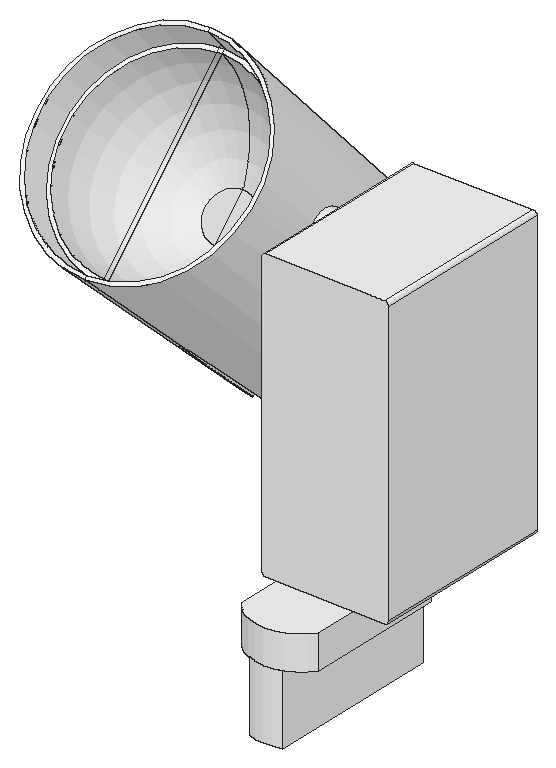
Revit family "0004811 Feilo Sylvania Lighting Fixture START TRACK SPOT S 14W 3K RA80 NB WHITE", category Lighting Fixtures, host Face, Revit 2017 (continued)
Definition of nested family "Start Track Spot Head"
  Types (96, lengths in mm): name | Wattage | built-in parameter 1150134 | Photometric Web File | Model | built-in parameter 1150105 | Lumens | built-in parameter 1150107 | built-in parameter 1150106 | HeadThickness_FEILO | HeadRibOffset_FEILO | HeadRibDepth_FEILO | HeadRibCutWidth_FEILO | HeadRibCutOffset_FEILO | HeadReflectorRadius_FEILO | HeadReflectorOffset_FEILO | HeadLEDRadius_FEILO | HeadHeight_FEILO | HeadDiffusorOffset_FEILO | HeadDiaOut_FEILO | HeadDiaIn_FEILO | HeadAxisFromTop_FEILO | Emit from Circle Diameter | built-in parameter 1150104 | Description | Apparent Load
    0004864 START TRACK SPOT S 24W 3K RA90 WB WHITE | 24 W | (empty or 0) | "0004864.ies" | "START TRACK SPOT S 24W 3K RA90 WB WHITE" | 152.79 (stored number, unit not read) | 1920 lm | 3000 (stored number, unit not read) | 1.5279 (stored number, unit not read) | 1.5 | 4.179 | 55.714 | 7.167 | 50.87 | 50.588 | 55.714 | 9.556 | 117 | 9.435 | 86 | 77.477 | 69.354 | 77.477 | 7.4322 (stored number, unit not read) | "Integrated LED spotlight, Textured White - RAL9016, compact and minimalist design, ideal for retail applications, die-cast aluminium body, passive cooling heatsink. Beam angle: 64°, color temperature: 3000K , total system power: 24W, total fixture output: 1928 lm, LOR: 100%, colour rendering: Ra: 90 typical, LED Chromaticity: 3 step MacAdam ellipse, lifetime: >50000 hours at L70B50, energy class: A++, A+, A, IR/UV free light source without heat radiation, operating voltage: 220-240V / 50-60Hz, drive current: 600mA, electronic driver, non-dimmable, power factor: 0.95, electrical protection: Class II, Global Track 3 Phase adapter suitable for Global trac 3-circuit tracks, ingress protection rating: IP20, suitable for internal environment only, horizontal rotation: 355°, vertical tilt: 90°, dimensions: Ø86x140x200, weight: 0.966kg." | 24 VA
    0004863 START TRACK SPOT S 24W 3K RA90 MB WHITE | 24 W | (empty or 0) | "0004863.ies" | "START TRACK SPOT S 24W 3K RA90 MB WHITE" | 154.7 (stored number, unit not read) | 1944 lm | 3000 (stored number, unit not read) | 1.547 (stored number, unit not read) | 1.5 | 4.179 | 55.714 | 7.167 | 50.87 | 50.588 | 55.714 | 9.556 | 117 | 9.435 | 86 | 77.477 | 69.354 | 77.477 | 7.5251 (stored number, unit not read) | "Integrated LED spotlight, Textured White - RAL9016, compact and minimalist design, ideal for retail applications, die-cast aluminium body, passive cooling heatsink. Beam angle: 36°, color temperature: 3000K , total system power: 24W, total fixture output: 1944 lm, LOR: 100%, colour rendering: Ra: 90 typical, LED Chromaticity: 3 step MacAdam ellipse, lifetime: >50000 hours at L70B50, energy class: A++, A+, A, IR/UV free light source without heat radiation, operating voltage: 220-240V / 50-60Hz, drive current: 600mA, electronic driver, non-dimmable, power factor: 0.95, electrical protection: Class II, Global Track 3 Phase adapter suitable for Global trac 3-circuit tracks, ingress protection rating: IP20, suitable for internal environment only, horizontal rotation: 355°, vertical tilt: 90°, dimensions: Ø86x140x200, weight: 0.966kg." | 24 VA
    0004862 START TRACK SPOT S 24W 3K RA90 NB WHITE | 24 W | (empty or 0) | "0004862.ies" | "START TRACK SPOT S 24W 3K RA90 NB WHITE" | 158.52 (stored number, unit not read) | 1992 lm | 3000 (stored number, unit not read) | 1.5852 (stored number, unit not read) | 1.5 | 4.179 | 55.714 | 7.167 | 50.87 | 50.588 | 55.714 | 9.556 | 117 | 9.435 | 86 | 77.477 | 69.354 | 77.477 | 7.711 (stored number, unit not read) | "Integrated LED spotlight, Textured White - RAL9016, compact and minimalist design, ideal for retail applications, die-cast aluminium body, passive cooling heatsink. Beam angle: 12°, color temperature: 3000K , total system power: 24W, total fixture output: 1987 lm, LOR: 100%, colour rendering: Ra: 90 typical, LED Chromaticity: 3 step MacAdam ellipse, lifetime: >50000 hours at L70B50, energy class: A++, A+, A, IR/UV free light source without heat radiation, operating voltage: 220-240V / 50-60Hz, drive current: 600mA, electronic driver, non-dimmable, power factor: 0.95, electrical protection: Class II, Global Track 3 Phase adapter suitable for Global trac 3-circuit tracks, ingress protection rating: IP20, suitable for internal environment only, horizontal rotation: 355°, vertical tilt: 90°, dimensions: Ø86x140x200, weight: 0.966kg." | 24 VA
    0004861 START TRACK SPOT S 14W 3K RA90 WB WHITE | 14 W | (empty or 0) | "0004861.ies" | "START TRACK SPOT S 14W 3K RA90 WB WHITE" | 100.27 (stored number, unit not read) | 1260 lm | 3000 (stored number, unit not read) | 1.0027 (stored number, unit not read) | 1.5 | 4.179 | 55.714 | 7.167 | 50.87 | 50.588 | 55.714 | 9.556 | 117 | 9.435 | 86 | 77.477 | 69.354 | 77.477 | 8.3613 (stored number, unit not read) | "Integrated LED spotlight, Textured White - RAL9016, compact and minimalist design, ideal for retail applications, die-cast aluminium body, passive cooling heatsink. Beam angle: 64°, color temperature: 3000K , total system power: 14W, total fixture output: 1262 lm, LOR: 100%, colour rendering: Ra: 90 typical, LED Chromaticity: 3 step MacAdam ellipse, lifetime: >50000 hours at L70B50, energy class: A++, A+, A, IR/UV free light source without heat radiation, operating voltage: 220-240V / 50-60Hz, drive current: 350mA, electronic driver, non-dimmable, power factor: 0.92, electrical protection: Class II, Global Track 3 Phase adapter suitable for Global trac 3-circuit tracks, ingress protection rating: IP20, suitable for internal environment only, horizontal rotation: 355°, vertical tilt: 90°, dimensions: Ø86x140x200, weight: 0.940kg." | 14 VA
    0004860 START TRACK SPOT S 14W 3K RA90 MB WHITE | 14 W | (empty or 0) | "0004860.ies" | "START TRACK SPOT S 14W 3K RA90 MB WHITE" | 100.27 (stored number, unit not read) | 1260 lm | 3000 (stored number, unit not read) | 1.0027 (stored number, unit not read) | 1.5 | 4.179 | 55.714 | 7.167 | 50.87 | 50.588 | 55.714 | 9.556 | 117 | 9.435 | 86 | 77.477 | 69.354 | 77.477 | 8.3613 (stored number, unit not read) | "Integrated LED spotlight, Textured White - RAL9016, compact and minimalist design, ideal for retail applications, die-cast aluminium body, passive cooling heatsink. Beam angle: 36°, color temperature: 3000K , total system power: 14W, total fixture output: 1262 lm, LOR: 100%, colour rendering: Ra: 90 typical, LED Chromaticity: 3 step MacAdam ellipse, lifetime: >50000 hours at L70B50, energy class: A++, A+, A, IR/UV free light source without heat radiation, operating voltage: 220-240V / 50-60Hz, drive current: 350mA, electronic driver, non-dimmable, power factor: 0.92, electrical protection: Class II, Global Track 3 Phase adapter suitable for Global trac 3-circuit tracks, ingress protection rating: IP20, suitable for internal environment only, horizontal rotation: 355°, vertical tilt: 90°, dimensions: Ø86x140x200, weight: 0.940kg." | 14 VA
    0004859 START TRACK SPOT S 14W 3K RA90 NB WHITE | 14 W | (empty or 0) | "0004859.ies" | "START TRACK SPOT S 14W 3K RA90 NB WHITE" | 102.5 (stored number, unit not read) | 1288 lm | 3000 (stored number, unit not read) | 1.025 (stored number, unit not read) | 1.5 | 4.179 | 55.714 | 7.167 | 50.87 | 50.588 | 55.714 | 9.556 | 117 | 9.435 | 86 | 77.477 | 69.354 | 77.477 | 8.5471 (stored number, unit not read) | "Integrated LED spotlight, Textured White - RAL9016, compact and minimalist design, ideal for retail applications, die-cast aluminium body, passive cooling heatsink. Beam angle: 12°, color temperature: 3000K , total system power: 14W, total fixture output: 1284 lm, LOR: 100%, colour rendering: Ra: 90 typical, LED Chromaticity: 3 step MacAdam ellipse, lifetime: >50000 hours at L70B50, energy class: A++, A+, A, IR/UV free light source without heat radiation, operating voltage: 220-240V / 50-60Hz, drive current: 350mA, electronic driver, non-dimmable, power factor: 0.92, electrical protection: Class II, Global Track 3 Phase adapter suitable for Global trac 3-circuit tracks, ingress protection rating: IP20, suitable for internal environment only, horizontal rotation: 355°, vertical tilt: 90°, dimensions: Ø86x140x200, weight: 0.940kg." | 14 VA
    0004858 START TRACK SPOT L 55W 4K RA80 WB BLACK | 55 W | 12 | "0004858.ies" | "START TRACK SPOT L 55W 4K RA80 WB BLACK" | 424.55 (stored number, unit not read) | 5335 lm | 4000 (stored number, unit not read) | 4.2455 (stored number, unit not read) | 2 | 4.429 | 59.048 | 9.417 | 53.913 | 66.471 | 59.048 | 12.556 | 124 | 10 | 113 | 101.802 | 73.503 | 101.802 | 9.0116 (stored number, unit not read) | "Integrated LED spotlight, Textured Black - RAL9005, compact and minimalist design, ideal for retail applications, die-cast aluminium body, passive cooling heatsink. Beam angle: 52°, color temperature: 4000K , total system power: 55W, total fixture output: 5320 lm, LOR: 100%, colour rendering: Ra: 80 typical, LED Chromaticity: 3 step MacAdam ellipse, lifetime: >50000 hours at L70B50, energy class: A++, A+, A, IR/UV free light source without heat radiation, operating voltage: 220-240V / 50-60Hz, drive current: 1400mA, electronic driver, non-dimmable, power factor: 0.96, electrical protection: Class II, Global Track 3 Phase adapter suitable for Global trac 3-circuit tracks, ingress protection rating: IP20, suitable for internal environment only, horizontal rotation: 355°, vertical tilt: 90°, dimensions: Ø113x164x240, weight: 1.398kg." | 55 VA
    0004857 START TRACK SPOT L 55W 4K RA80 MB BLACK | 55 W | 12 | "0004857.ies" | "START TRACK SPOT L 55W 4K RA80 MB BLACK" | 428.92 (stored number, unit not read) | 5390 lm | 4000 (stored number, unit not read) | 4.2892 (stored number, unit not read) | 2 | 4.429 | 59.048 | 9.417 | 53.913 | 66.471 | 59.048 | 12.556 | 124 | 10 | 113 | 101.802 | 73.503 | 101.802 | 9.1045 (stored number, unit not read) | "Integrated LED spotlight, Textured Black - RAL9005, compact and minimalist design, ideal for retail applications, die-cast aluminium body, passive cooling heatsink. Beam angle: 38°, color temperature: 4000K , total system power: 55W, total fixture output: 5378 lm, LOR: 100%, colour rendering: Ra: 80 typical, LED Chromaticity: 3 step MacAdam ellipse, lifetime: >50000 hours at L70B50, energy class: A++, A+, A, IR/UV free light source without heat radiation, operating voltage: 220-240V / 50-60Hz, drive current: 1400mA, electronic driver, non-dimmable, power factor: 0.96, electrical protection: Class II, Global Track 3 Phase adapter suitable for Global trac 3-circuit tracks, ingress protection rating: IP20, suitable for internal environment only, horizontal rotation: 355°, vertical tilt: 90°, dimensions: Ø113x164x240, weight: 1.398kg." | 55 VA
    0004856 START TRACK SPOT L 55W 4K RA80 NB BLACK | 55 W | 12 | "0004856.ies" | "START TRACK SPOT L 55W 4K RA80 NB BLACK" | 433.3 (stored number, unit not read) | 5445 lm | 4000 (stored number, unit not read) | 4.333 (stored number, unit not read) | 2 | 4.429 | 59.048 | 9.417 | 53.913 | 66.471 | 59.048 | 12.556 | 124 | 10 | 113 | 101.802 | 73.503 | 101.802 | 9.1974 (stored number, unit not read) | "Integrated LED spotlight, Textured Black - RAL9005, compact and minimalist design, ideal for retail applications, die-cast aluminium body, passive cooling heatsink. Beam angle: 15°, color temperature: 4000K , total system power: 55W, total fixture output: 5426 lm, LOR: 100%, colour rendering: Ra: 80 typical, LED Chromaticity: 3 step MacAdam ellipse, lifetime: >50000 hours at L70B50, energy class: A++, A+, A, IR/UV free light source without heat radiation, operating voltage: 220-240V / 50-60Hz, drive current: 1400mA, electronic driver, non-dimmable, power factor: 0.96, electrical protection: Class II, Global Track 3 Phase adapter suitable for Global trac 3-circuit tracks, ingress protection rating: IP20, suitable for internal environment only, horizontal rotation: 355°, vertical tilt: 90°, dimensions: Ø113x164x240, weight: 1.398kg." | 55 VA
    0004855 START TRACK SPOT L 35W 4K RA80 WB BLACK | 35 W | 12 | "0004855.ies" | "START TRACK SPOT L 35W 4K RA80 WB BLACK" | 320.3 (stored number, unit not read) | 4025 lm | 4000 (stored number, unit not read) | 3.203 (stored number, unit not read) | 2 | 4.429 | 59.048 | 9.417 | 53.913 | 66.471 | 59.048 | 12.556 | 124 | 10 | 113 | 101.802 | 73.503 | 101.802 | 10.684 (stored number, unit not read) | "Integrated LED spotlight, Textured Black - RAL9005, compact and minimalist design, ideal for retail applications, die-cast aluminium body, passive cooling heatsink. Beam angle: 52°, color temperature: 4000K , total system power: 35W, total fixture output: 4010 lm, LOR: 100%, colour rendering: Ra: 80 typical, LED Chromaticity: 3 step MacAdam ellipse, lifetime: >50000 hours at L70B50, energy class: A++, A+, A, IR/UV free light source without heat radiation, operating voltage: 220-240V / 50-60Hz, drive current: 900mA, electronic driver, non-dimmable, power factor: 0.93, electrical protection: Class II, Global Track 3 Phase adapter suitable for Global trac 3-circuit tracks, ingress protection rating: IP20, suitable for internal environment only, horizontal rotation: 355°, vertical tilt: 90°, dimensions: Ø113x164x240, weight: 1.368kg." | 35 VA
    0004854 START TRACK SPOT L 35W 4K RA80 MB BLACK | 35 W | 12 | "0004854.ies" | "START TRACK SPOT L 35W 4K RA80 MB BLACK" | 320.3 (stored number, unit not read) | 4025 lm | 4000 (stored number, unit not read) | 3.203 (stored number, unit not read) | 2 | 4.429 | 59.048 | 9.417 | 53.913 | 66.471 | 59.048 | 12.556 | 124 | 10 | 113 | 101.802 | 73.503 | 101.802 | 10.684 (stored number, unit not read) | "Integrated LED spotlight, Textured Black - RAL9005, compact and minimalist design, ideal for retail applications, die-cast aluminium body, passive cooling heatsink. Beam angle: 38°, color temperature: 4000K , total system power: 35W, total fixture output: 4017 lm, LOR: 100%, colour rendering: Ra: 80 typical, LED Chromaticity: 3 step MacAdam ellipse, lifetime: >50000 hours at L70B50, energy class: A++, A+, A, IR/UV free light source without heat radiation, operating voltage: 220-240V / 50-60Hz, drive current: 900mA, electronic driver, non-dimmable, power factor: 0.93, electrical protection: Class II, Global Track 3 Phase adapter suitable for Global trac 3-circuit tracks, ingress protection rating: IP20, suitable for internal environment only, horizontal rotation: 355°, vertical tilt: 90°, dimensions: Ø113x164x240, weight: 1.368kg." | 35 VA
    0004853 START TRACK SPOT L 35W 4K RA80 NB BLACK | 35 W | 12 | "0004853.ies" | "START TRACK SPOT L 35W 4K RA80 NB BLACK" | 331.44 (stored number, unit not read) | 4165 lm | 4000 (stored number, unit not read) | 3.3144 (stored number, unit not read) | 2 | 4.429 | 59.048 | 9.417 | 53.913 | 66.471 | 59.048 | 12.556 | 124 | 10 | 113 | 101.802 | 73.503 | 101.802 | 11.055 (stored number, unit not read) | "Integrated LED spotlight, Textured Black - RAL9005, compact and minimalist design, ideal for retail applications, die-cast aluminium body, passive cooling heatsink. Beam angle: 15°, color temperature: 4000K , total system power: 35W, total fixture output: 4174 lm, LOR: 100%, colour rendering: Ra: 80 typical, LED Chromaticity: 3 step MacAdam ellipse, lifetime: >50000 hours at L70B50, energy class: A++, A+, A, IR/UV free light source without heat radiation, operating voltage: 220-240V / 50-60Hz, drive current: 900mA, electronic driver, non-dimmable, power factor: 0.93, electrical protection: Class II, Global Track 3 Phase adapter suitable for Global trac 3-circuit tracks, ingress protection rating: IP20, suitable for internal environment only, horizontal rotation: 355°, vertical tilt: 90°, dimensions: Ø113x164x240, weight: 1.368kg." | 35 VA
    0004852 START TRACK SPOT S 24W 4K RA80 WB BLACK | 24 W | 12 | "0004852.ies" | "START TRACK SPOT S 24W 4K RA80 WB BLACK" | 196.72 (stored number, unit not read) | 2472 lm | 4000 (stored number, unit not read) | 1.9672 (stored number, unit not read) | 1.5 | 4.179 | 55.714 | 7.167 | 50.87 | 50.588 | 55.714 | 9.556 | 117 | 9.435 | 86 | 77.477 | 69.354 | 77.477 | 9.569 (stored number, unit not read) | "Integrated LED spotlight, Textured Black - RAL9005, compact and minimalist design, ideal for retail applications, die-cast aluminium body, passive cooling heatsink. Beam angle: 64°, color temperature: 4000K , total system power: 24W, total fixture output: 2476 lm, LOR: 100%, colour rendering: Ra: 80 typical, LED Chromaticity: 3 step MacAdam ellipse, lifetime: >50000 hours at L70B50, energy class: A++, A+, A, IR/UV free light source without heat radiation, operating voltage: 220-240V / 50-60Hz, drive current: 600mA, electronic driver, non-dimmable, power factor: 0.95, electrical protection: Class II, Global Track 3 Phase adapter suitable for Global trac 3-circuit tracks, ingress protection rating: IP20, suitable for internal environment only, horizontal rotation: 355°, vertical tilt: 90°, dimensions: Ø86x140x200, weight: 0.966kg." | 24 VA
    0004851 START TRACK SPOT S 24W 4K RA80 MB BLACK | 24 W | 12 | "0004851.ies" | "START TRACK SPOT S 24W 4K RA80 MB BLACK" | 198.63 (stored number, unit not read) | 2496 lm | 4000 (stored number, unit not read) | 1.9863 (stored number, unit not read) | 1.5 | 4.179 | 55.714 | 7.167 | 50.87 | 50.588 | 55.714 | 9.556 | 117 | 9.435 | 86 | 77.477 | 69.354 | 77.477 | 9.6619 (stored number, unit not read) | "Integrated LED spotlight, Textured Black - RAL9005, compact and minimalist design, ideal for retail applications, die-cast aluminium body, passive cooling heatsink. Beam angle: 36°, color temperature: 4000K , total system power: 24W, total fixture output: 2487 lm, LOR: 100%, colour rendering: Ra: 80 typical, LED Chromaticity: 3 step MacAdam ellipse, lifetime: >50000 hours at L70B50, energy class: A++, A+, A, IR/UV free light source without heat radiation, operating voltage: 220-240V / 50-60Hz, drive current: 600mA, electronic driver, non-dimmable, power factor: 0.95, electrical protection: Class II, Global Track 3 Phase adapter suitable for Global trac 3-circuit tracks, ingress protection rating: IP20, suitable for internal environment only, horizontal rotation: 355°, vertical tilt: 90°, dimensions: Ø86x140x200, weight: 0.966kg." | 24 VA
    0004850 START TRACK SPOT S 24W 4K RA80 NB BLACK | 24 W | 12 | "0004850.ies" | "START TRACK SPOT S 24W 4K RA80 NB BLACK" | 200.54 (stored number, unit not read) | 2520 lm | 4000 (stored number, unit not read) | 2.0054 (stored number, unit not read) | 1.5 | 4.179 | 55.714 | 7.167 | 50.87 | 50.588 | 55.714 | 9.556 | 117 | 9.435 | 86 | 77.477 | 69.354 | 77.477 | 9.7548 (stored number, unit not read) | "Integrated LED spotlight, Textured Black - RAL9005, compact and minimalist design, ideal for retail applications, die-cast aluminium body, passive cooling heatsink. Beam angle: 12°, color temperature: 4000K , total system power: 24W, total fixture output: 2529 lm, LOR: 100%, colour rendering: Ra: 80 typical, LED Chromaticity: 3 step MacAdam ellipse, lifetime: >50000 hours at L70B50, energy class: A++, A+, A, IR/UV free light source without heat radiation, operating voltage: 220-240V / 50-60Hz, drive current: 600mA, electronic driver, non-dimmable, power factor: 0.95, electrical protection: Class II, Global Track 3 Phase adapter suitable for Global trac 3-circuit tracks, ingress protection rating: IP20, suitable for internal environment only, horizontal rotation: 355°, vertical tilt: 90°, dimensions: Ø86x140x200, weight: 0.966kg." | 24 VA
    0004849 START TRACK SPOT S 14W 4K RA80 WB BLACK | 14 W | 12 | "0004849.ies" | "START TRACK SPOT S 14W 4K RA80 WB BLACK" | 123.66 (stored number, unit not read) | 1554 lm | 4000 (stored number, unit not read) | 1.2366 (stored number, unit not read) | 1.5 | 4.179 | 55.714 | 7.167 | 50.87 | 50.588 | 55.714 | 9.556 | 117 | 9.435 | 86 | 77.477 | 69.354 | 77.477 | 10.312 (stored number, unit not read) | "Integrated LED spotlight, Textured Black - RAL9005, compact and minimalist design, ideal for retail applications, die-cast aluminium body, passive cooling heatsink. Beam angle: 64°, color temperature: 4000K , total system power: 14W, total fixture output: 1558 lm, LOR: 100%, colour rendering: Ra: 80 typical, LED Chromaticity: 3 step MacAdam ellipse, lifetime: >50000 hours at L70B50, energy class: A++, A+, A, IR/UV free light source without heat radiation, operating voltage: 220-240V / 50-60Hz, drive current: 350mA, electronic driver, non-dimmable, power factor: 0.92, electrical protection: Class II, Global Track 3 Phase adapter suitable for Global trac 3-circuit tracks, ingress protection rating: IP20, suitable for internal environment only, horizontal rotation: 355°, vertical tilt: 90°, dimensions: Ø86x140x200, weight: 0.940kg." | 14 VA
    0004848 START TRACK SPOT S 14W 4K RA80 MB BLACK | 14 W | 12 | "0004848.ies" | "START TRACK SPOT S 14W 4K RA80 MB BLACK" | 127.01 (stored number, unit not read) | 1596 lm | 4000 (stored number, unit not read) | 1.2701 (stored number, unit not read) | 1.5 | 4.179 | 55.714 | 7.167 | 50.87 | 50.588 | 55.714 | 9.556 | 117 | 9.435 | 86 | 77.477 | 69.354 | 77.477 | 10.591 (stored number, unit not read) | "Integrated LED spotlight, Textured Black - RAL9005, compact and minimalist design, ideal for retail applications, die-cast aluminium body, passive cooling heatsink. Beam angle: 36°, color temperature: 4000K , total system power: 14W, total fixture output: 1598 lm, LOR: 100%, colour rendering: Ra: 80 typical, LED Chromaticity: 3 step MacAdam ellipse, lifetime: >50000 hours at L70B50, energy class: A++, A+, A, IR/UV free light source without heat radiation, operating voltage: 220-240V / 50-60Hz, drive current: 350mA, electronic driver, non-dimmable, power factor: 0.92, electrical protection: Class II, Global Track 3 Phase adapter suitable for Global trac 3-circuit tracks, ingress protection rating: IP20, suitable for internal environment only, horizontal rotation: 355°, vertical tilt: 90°, dimensions: Ø86x140x200, weight: 0.940kg." | 14 VA
    0004847 START TRACK SPOT S 14W 4K RA80 NB BLACK | 14 W | 12 | "0004847.ies" | "START TRACK SPOT S 14W 4K RA80 NB BLACK" | 128.12 (stored number, unit not read) | 1610 lm | 4000 (stored number, unit not read) | 1.2812 (stored number, unit not read) | 1.5 | 4.179 | 55.714 | 7.167 | 50.87 | 50.588 | 55.714 | 9.556 | 117 | 9.435 | 86 | 77.477 | 69.354 | 77.477 | 10.684 (stored number, unit not read) | "Integrated LED spotlight, Textured Black - RAL9005, compact and minimalist design, ideal for retail applications, die-cast aluminium body, passive cooling heatsink. Beam angle: 12°, color temperature: 4000K , total system power: 14W, total fixture output: 1608 lm, LOR: 100%, colour rendering: Ra: 80 typical, LED Chromaticity: 3 step MacAdam ellipse, lifetime: >50000 hours at L70B50, energy class: A++, A+, A, IR/UV free light source without heat radiation, operating voltage: 220-240V / 50-60Hz, drive current: 350mA, electronic driver, non-dimmable, power factor: 0.92, electrical protection: Class II, Global Track 3 Phase adapter suitable for Global trac 3-circuit tracks, ingress protection rating: IP20, suitable for internal environment only, horizontal rotation: 355°, vertical tilt: 90°, dimensions: Ø86x140x200, weight: 0.940kg." | 14 VA
    0004846 START TRACK SPOT L 55W 3K RA80 WB BLACK | 55 W | (empty or 0) | "0004846.ies" | "START TRACK SPOT L 55W 3K RA80 WB BLACK" | 420.17 (stored number, unit not read) | 5280 lm | 3000 (stored number, unit not read) | 4.2017 (stored number, unit not read) | 2 | 4.429 | 59.048 | 9.417 | 53.913 | 66.471 | 59.048 | 12.556 | 124 | 10 | 113 | 101.802 | 73.503 | 101.802 | 8.9187 (stored number, unit not read) | "Integrated LED spotlight, Textured Black - RAL9005, compact and minimalist design, ideal for retail applications, die-cast aluminium body, passive cooling heatsink. Beam angle: 52°, color temperature: 3000K , total system power: 55W, total fixture output: 5298 lm, LOR: 100%, colour rendering: Ra: 80 typical, LED Chromaticity: 3 step MacAdam ellipse, lifetime: >50000 hours at L70B50, energy class: A++, A+, A, IR/UV free light source without heat radiation, operating voltage: 220-240V / 50-60Hz, drive current: 1400mA, electronic driver, non-dimmable, power factor: 0.96, electrical protection: Class II, Global Track 3 Phase adapter suitable for Global trac 3-circuit tracks, ingress protection rating: IP20, suitable for internal environment only, horizontal rotation: 355°, vertical tilt: 90°, dimensions: Ø113x164x240, weight: 1.398kg." | 55 VA
    0004845 START TRACK SPOT L 55W 3K RA80 MB BLACK | 55 W | (empty or 0) | "0004845.ies" | "START TRACK SPOT L 55W 3K RA80 MB BLACK" | 428.92 (stored number, unit not read) | 5390 lm | 3000 (stored number, unit not read) | 4.2892 (stored number, unit not read) | 2 | 4.429 | 59.048 | 9.417 | 53.913 | 66.471 | 59.048 | 12.556 | 124 | 10 | 113 | 101.802 | 73.503 | 101.802 | 9.1045 (stored number, unit not read) | "Integrated LED spotlight, Textured Black - RAL9005, compact and minimalist design, ideal for retail applications, die-cast aluminium body, passive cooling heatsink. Beam angle: 38°, color temperature: 3000K , total system power: 55W, total fixture output: 5381 lm, LOR: 100%, colour rendering: Ra: 80 typical, LED Chromaticity: 3 step MacAdam ellipse, lifetime: >50000 hours at L70B50, energy class: A++, A+, A, IR/UV free light source without heat radiation, operating voltage: 220-240V / 50-60Hz, drive current: 1400mA, electronic driver, non-dimmable, power factor: 0.96, electrical protection: Class II, Global Track 3 Phase adapter suitable for Global trac 3-circuit tracks, ingress protection rating: IP20, suitable for internal environment only, horizontal rotation: 355°, vertical tilt: 90°, dimensions: Ø113x164x240, weight: 1.398kg." | 55 VA
    0004844 START TRACK SPOT L 55W 3K RA80 NB BLACK | 55 W | (empty or 0) | "0004844.ies" | "START TRACK SPOT L 55W 3K RA80 NB BLACK" | 433.3 (stored number, unit not read) | 5445 lm | 3000 (stored number, unit not read) | 4.333 (stored number, unit not read) | 2 | 4.429 | 59.048 | 9.417 | 53.913 | 66.471 | 59.048 | 12.556 | 124 | 10 | 113 | 101.802 | 73.503 | 101.802 | 9.1974 (stored number, unit not read) | "Integrated LED spotlight, Textured Black - RAL9005, compact and minimalist design, ideal for retail applications, die-cast aluminium body, passive cooling heatsink. Beam angle: 15°, color temperature: 3000K , total system power: 55W, total fixture output: 5449 lm, LOR: 100%, colour rendering: Ra: 80 typical, LED Chromaticity: 3 step MacAdam ellipse, lifetime: >50000 hours at L70B50, energy class: A++, A+, A, IR/UV free light source without heat radiation, operating voltage: 220-240V / 50-60Hz, drive current: 1400mA, electronic driver, non-dimmable, power factor: 0.96, electrical protection: Class II, Global Track 3 Phase adapter suitable for Global trac 3-circuit tracks, ingress protection rating: IP20, suitable for internal environment only, horizontal rotation: 355°, vertical tilt: 90°, dimensions: Ø113x164x240, weight: 1.398kg." | 55 VA
    0004843 START TRACK SPOT L 35W 3K RA80 WB BLACK | 35 W | (empty or 0) | "0004843.ies" | "START TRACK SPOT L 35W 3K RA80 WB BLACK" | 314.73 (stored number, unit not read) | 3955 lm | 3000 (stored number, unit not read) | 3.1473 (stored number, unit not read) | 2 | 4.429 | 59.048 | 9.417 | 53.913 | 66.471 | 59.048 | 12.556 | 124 | 10 | 113 | 101.802 | 73.503 | 101.802 | 10.498 (stored number, unit not read) | "Integrated LED spotlight, Textured Black - RAL9005, compact and minimalist design, ideal for retail applications, die-cast aluminium body, passive cooling heatsink. Beam angle: 52°, color temperature: 3000K , total system power: 35W, total fixture output: 3943 lm, LOR: 100%, colour rendering: Ra: 80 typical, LED Chromaticity: 3 step MacAdam ellipse, lifetime: >50000 hours at L70B50, energy class: A++, A+, A, IR/UV free light source without heat radiation, operating voltage: 220-240V / 50-60Hz, drive current: 900mA, electronic driver, non-dimmable, power factor: 0.93, electrical protection: Class II, Global Track 3 Phase adapter suitable for Global trac 3-circuit tracks, ingress protection rating: IP20, suitable for internal environment only, horizontal rotation: 355°, vertical tilt: 90°, dimensions: Ø113x164x240, weight: 1.368kg." | 35 VA
    0004842 START TRACK SPOT L 35W 3K RA80 MB BLACK | 35 W | (empty or 0) | "0004842.ies" | "START TRACK SPOT L 35W 3K RA80 MB BLACK" | 320.3 (stored number, unit not read) | 4025 lm | 3000 (stored number, unit not read) | 3.203 (stored number, unit not read) | 2 | 4.429 | 59.048 | 9.417 | 53.913 | 66.471 | 59.048 | 12.556 | 124 | 10 | 113 | 101.802 | 73.503 | 101.802 | 10.684 (stored number, unit not read) | "Integrated LED spotlight, Textured Black - RAL9005, compact and minimalist design, ideal for retail applications, die-cast aluminium body, passive cooling heatsink. Beam angle: 38°, color temperature: 3000K , total system power: 35W, total fixture output: 4008 lm, LOR: 100%, colour rendering: Ra: 80 typical, LED Chromaticity: 3 step MacAdam ellipse, lifetime: >50000 hours at L70B50, energy class: A++, A+, A, IR/UV free light source without heat radiation, operating voltage: 220-240V / 50-60Hz, drive current: 900mA, electronic driver, non-dimmable, power factor: 0.93, electrical protection: Class II, Global Track 3 Phase adapter suitable for Global trac 3-circuit tracks, ingress protection rating: IP20, suitable for internal environment only, horizontal rotation: 355°, vertical tilt: 90°, dimensions: Ø113x164x240, weight: 1.368kg." | 35 VA
    0004841 START TRACK SPOT L 35W 3K RA80 NB BLACK | 35 W | (empty or 0) | "0004841.ies" | "START TRACK SPOT L 35W 3K RA80 NB BLACK" | 317.51 (stored number, unit not read) | 3990 lm | 3000 (stored number, unit not read) | 3.1751 (stored number, unit not read) | 2 | 4.429 | 59.048 | 9.417 | 53.913 | 66.471 | 59.048 | 12.556 | 124 | 10 | 113 | 101.802 | 73.503 | 101.802 | 10.591 (stored number, unit not read) | "Integrated LED spotlight, Textured Black - RAL9005, compact and minimalist design, ideal for retail applications, die-cast aluminium body, passive cooling heatsink. Beam angle: 15°, color temperature: 3000K , total system power: 35W, total fixture output: 4005 lm, LOR: 100%, colour rendering: Ra: 80 typical, LED Chromaticity: 3 step MacAdam ellipse, lifetime: >50000 hours at L70B50, energy class: A++, A+, A, IR/UV free light source without heat radiation, operating voltage: 220-240V / 50-60Hz, drive current: 900mA, electronic driver, non-dimmable, power factor: 0.93, electrical protection: Class II, Global Track 3 Phase adapter suitable for Global trac 3-circuit tracks, ingress protection rating: IP20, suitable for internal environment only, horizontal rotation: 355°, vertical tilt: 90°, dimensions: Ø113x164x240, weight: 1.368kg." | 35 VA
    0004840 START TRACK SPOT S 24W 3K RA80 WB BLACK | 24 W | (empty or 0) | "0004840.ies" | "START TRACK SPOT S 24W 3K RA80 WB BLACK" | 185.26 (stored number, unit not read) | 2328 lm | 3000 (stored number, unit not read) | 1.8526 (stored number, unit not read) | 1.5 | 4.179 | 55.714 | 7.167 | 50.87 | 50.588 | 55.714 | 9.556 | 117 | 9.435 | 86 | 77.477 | 69.354 | 77.477 | 9.0116 (stored number, unit not read) | "Integrated LED spotlight, Textured Black - RAL9005, compact and minimalist design, ideal for retail applications, die-cast aluminium body, passive cooling heatsink. Beam angle: 64°, color temperature: 3000K , total system power: 24W, total fixture output: 2318 lm, LOR: 100%, colour rendering: Ra: 80 typical, LED Chromaticity: 3 step MacAdam ellipse, lifetime: >50000 hours at L70B50, energy class: A++, A+, A, IR/UV free light source without heat radiation, operating voltage: 220-240V / 50-60Hz, drive current: 600mA, electronic driver, non-dimmable, power factor: 0.95, electrical protection: Class II, Global Track 3 Phase adapter suitable for Global trac 3-circuit tracks, ingress protection rating: IP20, suitable for internal environment only, horizontal rotation: 355°, vertical tilt: 90°, dimensions: Ø86x140x200, weight: 0.966kg." | 24 VA
    0004839 START TRACK SPOT S 24W 3K RA80 MB BLACK | 24 W | (empty or 0) | "0004839.ies" | "START TRACK SPOT S 24W 3K RA80 MB BLACK" | 183.35 (stored number, unit not read) | 2304 lm | 3000 (stored number, unit not read) | 1.8335 (stored number, unit not read) | 1.5 | 4.179 | 55.714 | 7.167 | 50.87 | 50.588 | 55.714 | 9.556 | 117 | 9.435 | 86 | 77.477 | 69.354 | 77.477 | 8.9187 (stored number, unit not read) | "Integrated LED spotlight, Textured Black - RAL9005, compact and minimalist design, ideal for retail applications, die-cast aluminium body, passive cooling heatsink. Beam angle: 36°, color temperature: 3000K , total system power: 24W, total fixture output: 2314 lm, LOR: 100%, colour rendering: Ra: 80 typical, LED Chromaticity: 3 step MacAdam ellipse, lifetime: >50000 hours at L70B50, energy class: A++, A+, A, IR/UV free light source without heat radiation, operating voltage: 220-240V / 50-60Hz, drive current: 600mA, electronic driver, non-dimmable, power factor: 0.95, electrical protection: Class II, Global Track 3 Phase adapter suitable for Global trac 3-circuit tracks, ingress protection rating: IP20, suitable for internal environment only, horizontal rotation: 355°, vertical tilt: 90°, dimensions: Ø86x140x200, weight: 0.966kg." | 24 VA
    0004838 START TRACK SPOT S 24W 3K RA80 NB BLACK | 24 W | (empty or 0) | "0004838.ies" | "START TRACK SPOT S 24W 3K RA80 NB BLACK" | 185.26 (stored number, unit not read) | 2328 lm | 3000 (stored number, unit not read) | 1.8526 (stored number, unit not read) | 1.5 | 4.179 | 55.714 | 7.167 | 50.87 | 50.588 | 55.714 | 9.556 | 117 | 9.435 | 86 | 77.477 | 69.354 | 77.477 | 9.0116 (stored number, unit not read) | "Integrated LED spotlight, Textured Black - RAL9005, compact and minimalist design, ideal for retail applications, die-cast aluminium body, passive cooling heatsink. Beam angle: 12°, color temperature: 3000K , total system power: 24W, total fixture output: 2334 lm, LOR: 100%, colour rendering: Ra: 80 typical, LED Chromaticity: 3 step MacAdam ellipse, lifetime: >50000 hours at L70B50, energy class: A++, A+, A, IR/UV free light source without heat radiation, operating voltage: 220-240V / 50-60Hz, drive current: 600mA, electronic driver, non-dimmable, power factor: 0.95, electrical protection: Class II, Global Track 3 Phase adapter suitable for Global trac 3-circuit tracks, ingress protection rating: IP20, suitable for internal environment only, horizontal rotation: 355°, vertical tilt: 90°, dimensions: Ø86x140x200, weight: 0.966kg." | 24 VA
    0004837 START TRACK SPOT S 14W 3K RA80 WB BLACK | 14 W | (empty or 0) | "0004837.ies" | "START TRACK SPOT S 14W 3K RA80 WB BLACK" | 119.21 (stored number, unit not read) | 1498 lm | 3000 (stored number, unit not read) | 1.1921 (stored number, unit not read) | 1.5 | 4.179 | 55.714 | 7.167 | 50.87 | 50.588 | 55.714 | 9.556 | 117 | 9.435 | 86 | 77.477 | 69.354 | 77.477 | 9.9406 (stored number, unit not read) | "Integrated LED spotlight, Textured Black - RAL9005, compact and minimalist design, ideal for retail applications, die-cast aluminium body, passive cooling heatsink. Beam angle: 64°, color temperature: 3000K , total system power: 14W, total fixture output: 1498 lm, LOR: 100%, colour rendering: Ra: 80 typical, LED Chromaticity: 3 step MacAdam ellipse, lifetime: >50000 hours at L70B50, energy class: A++, A+, A, IR/UV free light source without heat radiation, operating voltage: 220-240V / 50-60Hz, drive current: 350mA, electronic driver, non-dimmable, power factor: 0.92, electrical protection: Class II, Global Track 3 Phase adapter suitable for Global trac 3-circuit tracks, ingress protection rating: IP20, suitable for internal environment only, horizontal rotation: 355°, vertical tilt: 90°, dimensions: Ø86x140x200, weight: 0.940kg." | 14 VA
    0004836 START TRACK SPOT S 14W 3K RA80 MB BLACK | 14 W | (empty or 0) | "0004836.ies" | "START TRACK SPOT S 14W 3K RA80 MB BLACK" | 120.32 (stored number, unit not read) | 1512 lm | 3000 (stored number, unit not read) | 1.2032 (stored number, unit not read) | 1.5 | 4.179 | 55.714 | 7.167 | 50.87 | 50.588 | 55.714 | 9.556 | 117 | 9.435 | 86 | 77.477 | 69.354 | 77.477 | 10.034 (stored number, unit not read) | "Integrated LED spotlight, Textured Black - RAL9005, compact and minimalist design, ideal for retail applications, die-cast aluminium body, passive cooling heatsink. Beam angle: 36°, color temperature: 3000K , total system power: 14W, total fixture output: 1508 lm, LOR: 100%, colour rendering: Ra: 80 typical, LED Chromaticity: 3 step MacAdam ellipse, lifetime: >50000 hours at L70B50, energy class: A++, A+, A, IR/UV free light source without heat radiation, operating voltage: 220-240V / 50-60Hz, drive current: 350mA, electronic driver, non-dimmable, power factor: 0.92, electrical protection: Class II, Global Track 3 Phase adapter suitable for Global trac 3-circuit tracks, ingress protection rating: IP20, suitable for internal environment only, horizontal rotation: 355°, vertical tilt: 90°, dimensions: Ø86x140x200, weight: 0.940kg." | 14 VA
    0004835 START TRACK SPOT S 14W 3K RA80 NB BLACK | 14 W | (empty or 0) | "0004835.ies" | "START TRACK SPOT S 14W 3K RA80 NB BLACK" | 123.66 (stored number, unit not read) | 1554 lm | 3000 (stored number, unit not read) | 1.2366 (stored number, unit not read) | 1.5 | 4.179 | 55.714 | 7.167 | 50.87 | 50.588 | 55.714 | 9.556 | 117 | 9.435 | 86 | 77.477 | 69.354 | 77.477 | 10.312 (stored number, unit not read) | "Integrated LED spotlight, Textured Black - RAL9005, compact and minimalist design, ideal for retail applications, die-cast aluminium body, passive cooling heatsink. Beam angle: 12°, color temperature: 3000K , total system power: 14W, total fixture output: 1551 lm, LOR: 100%, colour rendering: Ra: 80 typical, LED Chromaticity: 3 step MacAdam ellipse, lifetime: >50000 hours at L70B50, energy class: A++, A+, A, IR/UV free light source without heat radiation, operating voltage: 220-240V / 50-60Hz, drive current: 350mA, electronic driver, non-dimmable, power factor: 0.92, electrical protection: Class II, Global Track 3 Phase adapter suitable for Global trac 3-circuit tracks, ingress protection rating: IP20, suitable for internal environment only, horizontal rotation: 355°, vertical tilt: 90°, dimensions: Ø86x140x200, weight: 0.940kg." | 14 VA
    0004834 START TRACK SPOT L 55W 4K RA80 WB WHITE | 55 W | 12 | "0004834.ies" | "START TRACK SPOT L 55W 4K RA80 WB WHITE" | 424.55 (stored number, unit not read) | 5335 lm | 4000 (stored number, unit not read) | 4.2455 (stored number, unit not read) | 2 | 4.429 | 59.048 | 9.417 | 53.913 | 66.471 | 59.048 | 12.556 | 124 | 10 | 113 | 101.802 | 73.503 | 101.802 | 9.0116 (stored number, unit not read) | "Integrated LED spotlight, Textured White - RAL9016, compact and minimalist design, ideal for retail applications, die-cast aluminium body, passive cooling heatsink. Beam angle: 52°, color temperature: 4000K , total system power: 55W, total fixture output: 5320 lm, LOR: 100%, colour rendering: Ra: 80 typical, LED Chromaticity: 3 step MacAdam ellipse, lifetime: >50000 hours at L70B50, energy class: A++, A+, A, IR/UV free light source without heat radiation, operating voltage: 220-240V / 50-60Hz, drive current: 1400mA, electronic driver, non-dimmable, power factor: 0.96, electrical protection: Class II, Global Track 3 Phase adapter suitable for Global trac 3-circuit tracks, ingress protection rating: IP20, suitable for internal environment only, horizontal rotation: 355°, vertical tilt: 90°, dimensions: Ø113x164x240, weight: 1.398kg." | 55 VA
    0004833 START TRACK SPOT L 55W 4K RA80 MB WHITE | 55 W | 12 | "0004833.ies" | "START TRACK SPOT L 55W 4K RA80 MB WHITE" | 428.92 (stored number, unit not read) | 5390 lm | 4000 (stored number, unit not read) | 4.2892 (stored number, unit not read) | 2 | 4.429 | 59.048 | 9.417 | 53.913 | 66.471 | 59.048 | 12.556 | 124 | 10 | 113 | 101.802 | 73.503 | 101.802 | 9.1045 (stored number, unit not read) | "Integrated LED spotlight, Textured White - RAL9016, compact and minimalist design, ideal for retail applications, die-cast aluminium body, passive cooling heatsink. Beam angle: 38°, color temperature: 4000K , total system power: 55W, total fixture output: 5378 lm, LOR: 100%, colour rendering: Ra: 80 typical, LED Chromaticity: 3 step MacAdam ellipse, lifetime: >50000 hours at L70B50, energy class: A++, A+, A, IR/UV free light source without heat radiation, operating voltage: 220-240V / 50-60Hz, drive current: 1400mA, electronic driver, non-dimmable, power factor: 0.96, electrical protection: Class II, Global Track 3 Phase adapter suitable for Global trac 3-circuit tracks, ingress protection rating: IP20, suitable for internal environment only, horizontal rotation: 355°, vertical tilt: 90°, dimensions: Ø113x164x240, weight: 1.398kg." | 55 VA
    0004832 START TRACK SPOT L 55W 4K RA80 NB WHITE | 55 W | 12 | "0004832.ies" | "START TRACK SPOT L 55W 4K RA80 NB WHITE" | 433.3 (stored number, unit not read) | 5445 lm | 4000 (stored number, unit not read) | 4.333 (stored number, unit not read) | 2 | 4.429 | 59.048 | 9.417 | 53.913 | 66.471 | 59.048 | 12.556 | 124 | 10 | 113 | 101.802 | 73.503 | 101.802 | 9.1974 (stored number, unit not read) | "Integrated LED spotlight, Textured White - RAL9016, compact and minimalist design, ideal for retail applications, die-cast aluminium body, passive cooling heatsink. Beam angle: 15°, color temperature: 4000K , total system power: 55W, total fixture output: 5426 lm, LOR: 100%, colour rendering: Ra: 80 typical, LED Chromaticity: 3 step MacAdam ellipse, lifetime: >50000 hours at L70B50, energy class: A++, A+, A, IR/UV free light source without heat radiation, operating voltage: 220-240V / 50-60Hz, drive current: 1400mA, electronic driver, non-dimmable, power factor: 0.96, electrical protection: Class II, Global Track 3 Phase adapter suitable for Global trac 3-circuit tracks, ingress protection rating: IP20, suitable for internal environment only, horizontal rotation: 355°, vertical tilt: 90°, dimensions: Ø113x164x240, weight: 1.398kg." | 55 VA
    0004831 START TRACK SPOT L 35W 4K RA80 WB WHITE | 35 W | 12 | "0004831.ies" | "START TRACK SPOT L 35W 4K RA80 WB WHITE" | 320.3 (stored number, unit not read) | 4025 lm | 4000 (stored number, unit not read) | 3.203 (stored number, unit not read) | 2 | 4.429 | 59.048 | 9.417 | 53.913 | 66.471 | 59.048 | 12.556 | 124 | 10 | 113 | 101.802 | 73.503 | 101.802 | 10.684 (stored number, unit not read) | "Integrated LED spotlight, Textured White - RAL9016, compact and minimalist design, ideal for retail applications, die-cast aluminium body, passive cooling heatsink. Beam angle: 52°, color temperature: 4000K , total system power: 35W, total fixture output: 4010 lm, LOR: 100%, colour rendering: Ra: 80 typical, LED Chromaticity: 3 step MacAdam ellipse, lifetime: >50000 hours at L70B50, energy class: A++, A+, A, IR/UV free light source without heat radiation, operating voltage: 220-240V / 50-60Hz, drive current: 900mA, electronic driver, non-dimmable, power factor: 0.93, electrical protection: Class II, Global Track 3 Phase adapter suitable for Global trac 3-circuit tracks, ingress protection rating: IP20, suitable for internal environment only, horizontal rotation: 355°, vertical tilt: 90°, dimensions: Ø113x164x240, weight: 1.368kg." | 35 VA
    0004830 START TRACK SPOT L 35W 4K RA80 MB WHITE | 35 W | 12 | "0004830.ies" | "START TRACK SPOT L 35W 4K RA80 MB WHITE" | 320.3 (stored number, unit not read) | 4025 lm | 4000 (stored number, unit not read) | 3.203 (stored number, unit not read) | 2 | 4.429 | 59.048 | 9.417 | 53.913 | 66.471 | 59.048 | 12.556 | 124 | 10 | 113 | 101.802 | 73.503 | 101.802 | 10.684 (stored number, unit not read) | "Integrated LED spotlight, Textured White - RAL9016, compact and minimalist design, ideal for retail applications, die-cast aluminium body, passive cooling heatsink. Beam angle: 38°, color temperature: 4000K , total system power: 35W, total fixture output: 4017 lm, LOR: 100%, colour rendering: Ra: 80 typical, LED Chromaticity: 3 step MacAdam ellipse, lifetime: >50000 hours at L70B50, energy class: A++, A+, A, IR/UV free light source without heat radiation, operating voltage: 220-240V / 50-60Hz, drive current: 900mA, electronic driver, non-dimmable, power factor: 0.93, electrical protection: Class II, Global Track 3 Phase adapter suitable for Global trac 3-circuit tracks, ingress protection rating: IP20, suitable for internal environment only, horizontal rotation: 355°, vertical tilt: 90°, dimensions: Ø113x164x240, weight: 1.368kg." | 35 VA
    0004829 START TRACK SPOT L 35W 4K RA80 NB WHITE | 35 W | 12 | "0004829.ies" | "START TRACK SPOT L 35W 4K RA80 NB WHITE" | 331.44 (stored number, unit not read) | 4165 lm | 4000 (stored number, unit not read) | 3.3144 (stored number, unit not read) | 2 | 4.429 | 59.048 | 9.417 | 53.913 | 66.471 | 59.048 | 12.556 | 124 | 10 | 113 | 101.802 | 73.503 | 101.802 | 11.055 (stored number, unit not read) | "Integrated LED spotlight, Textured White - RAL9016, compact and minimalist design, ideal for retail applications, die-cast aluminium body, passive cooling heatsink. Beam angle: 15°, color temperature: 4000K , total system power: 35W, total fixture output: 4174 lm, LOR: 100%, colour rendering: Ra: 80 typical, LED Chromaticity: 3 step MacAdam ellipse, lifetime: >50000 hours at L70B50, energy class: A++, A+, A, IR/UV free light source without heat radiation, operating voltage: 220-240V / 50-60Hz, drive current: 900mA, electronic driver, non-dimmable, power factor: 0.93, electrical protection: Class II, Global Track 3 Phase adapter suitable for Global trac 3-circuit tracks, ingress protection rating: IP20, suitable for internal environment only, horizontal rotation: 355°, vertical tilt: 90°, dimensions: Ø113x164x240, weight: 1.368kg." | 35 VA
    0004828 START TRACK SPOT S 24W 4K RA80 WB WHITE | 24 W | 12 | "0004828.ies" | "START TRACK SPOT S 24W 4K RA80 WB WHITE" | 196.72 (stored number, unit not read) | 2472 lm | 4000 (stored number, unit not read) | 1.9672 (stored number, unit not read) | 1.5 | 4.179 | 55.714 | 7.167 | 50.87 | 50.588 | 55.714 | 9.556 | 117 | 9.435 | 86 | 77.477 | 69.354 | 77.477 | 9.569 (stored number, unit not read) | "Integrated LED spotlight, Textured White - RAL9016, compact and minimalist design, ideal for retail applications, die-cast aluminium body, passive cooling heatsink. Beam angle: 64°, color temperature: 4000K , total system power: 24W, total fixture output: 2476 lm, LOR: 100%, colour rendering: Ra: 80 typical, LED Chromaticity: 3 step MacAdam ellipse, lifetime: >50000 hours at L70B50, energy class: A++, A+, A, IR/UV free light source without heat radiation, operating voltage: 220-240V / 50-60Hz, drive current: 600mA, electronic driver, non-dimmable, power factor: 0.95, electrical protection: Class II, Global Track 3 Phase adapter suitable for Global trac 3-circuit tracks, ingress protection rating: IP20, suitable for internal environment only, horizontal rotation: 355°, vertical tilt: 90°, dimensions: Ø86x140x200, weight: 0.966kg." | 24 VA
    0004827 START TRACK SPOT S 24W 4K RA80 MB WHITE | 24 W | 12 | "0004827.ies" | "START TRACK SPOT S 24W 4K RA80 MB WHITE" | 198.63 (stored number, unit not read) | 2496 lm | 4000 (stored number, unit not read) | 1.9863 (stored number, unit not read) | 1.5 | 4.179 | 55.714 | 7.167 | 50.87 | 50.588 | 55.714 | 9.556 | 117 | 9.435 | 86 | 77.477 | 69.354 | 77.477 | 9.6619 (stored number, unit not read) | "Integrated LED spotlight, Textured White - RAL9016, compact and minimalist design, ideal for retail applications, die-cast aluminium body, passive cooling heatsink. Beam angle: 36°, color temperature: 4000K , total system power: 24W, total fixture output: 2487 lm, LOR: 100%, colour rendering: Ra: 80 typical, LED Chromaticity: 3 step MacAdam ellipse, lifetime: >50000 hours at L70B50, energy class: A++, A+, A, IR/UV free light source without heat radiation, operating voltage: 220-240V / 50-60Hz, drive current: 600mA, electronic driver, non-dimmable, power factor: 0.95, electrical protection: Class II, Global Track 3 Phase adapter suitable for Global trac 3-circuit tracks, ingress protection rating: IP20, suitable for internal environment only, horizontal rotation: 355°, vertical tilt: 90°, dimensions: Ø86x140x200, weight: 0.966kg." | 24 VA
    0004826 START TRACK SPOT S 24W 4K RA80 NB WHITE | 24 W | 12 | "0004826.ies" | "START TRACK SPOT S 24W 4K RA80 NB WHITE" | 200.54 (stored number, unit not read) | 2520 lm | 4000 (stored number, unit not read) | 2.0054 (stored number, unit not read) | 1.5 | 4.179 | 55.714 | 7.167 | 50.87 | 50.588 | 55.714 | 9.556 | 117 | 9.435 | 86 | 77.477 | 69.354 | 77.477 | 9.7548 (stored number, unit not read) | "Integrated LED spotlight, Textured White - RAL9016, compact and minimalist design, ideal for retail applications, die-cast aluminium body, passive cooling heatsink. Beam angle: 12°, color temperature: 4000K , total system power: 24W, total fixture output: 2529 lm, LOR: 100%, colour rendering: Ra: 80 typical, LED Chromaticity: 3 step MacAdam ellipse, lifetime: >50000 hours at L70B50, energy class: A++, A+, A, IR/UV free light source without heat radiation, operating voltage: 220-240V / 50-60Hz, drive current: 600mA, electronic driver, non-dimmable, power factor: 0.95, electrical protection: Class II, Global Track 3 Phase adapter suitable for Global trac 3-circuit tracks, ingress protection rating: IP20, suitable for internal environment only, horizontal rotation: 355°, vertical tilt: 90°, dimensions: Ø86x140x200, weight: 0.966kg." | 24 VA
    0004825 START TRACK SPOT S 14W 4K RA80 WB WHITE | 14 W | 12 | "0004825.ies" | "START TRACK SPOT S 14W 4K RA80 WB WHITE" | 123.66 (stored number, unit not read) | 1554 lm | 4000 (stored number, unit not read) | 1.2366 (stored number, unit not read) | 1.5 | 4.179 | 55.714 | 7.167 | 50.87 | 50.588 | 55.714 | 9.556 | 117 | 9.435 | 86 | 77.477 | 69.354 | 77.477 | 10.312 (stored number, unit not read) | "Integrated LED spotlight, Textured White - RAL9016, compact and minimalist design, ideal for retail applications, die-cast aluminium body, passive cooling heatsink. Beam angle: 64°, color temperature: 4000K , total system power: 14W, total fixture output: 1558 lm, LOR: 100%, colour rendering: Ra: 80 typical, LED Chromaticity: 3 step MacAdam ellipse, lifetime: >50000 hours at L70B50, energy class: A++, A+, A, IR/UV free light source without heat radiation, operating voltage: 220-240V / 50-60Hz, drive current: 350mA, electronic driver, non-dimmable, power factor: 0.92, electrical protection: Class II, Global Track 3 Phase adapter suitable for Global trac 3-circuit tracks, ingress protection rating: IP20, suitable for internal environment only, horizontal rotation: 355°, vertical tilt: 90°, dimensions: Ø86x140x200, weight: 0.940kg." | 14 VA
    0004824 START TRACK SPOT S 14W 4K RA80 MB WHITE | 14 W | 12 | "0004824.ies" | "START TRACK SPOT S 14W 4K RA80 MB WHITE" | 127.01 (stored number, unit not read) | 1596 lm | 4000 (stored number, unit not read) | 1.2701 (stored number, unit not read) | 1.5 | 4.179 | 55.714 | 7.167 | 50.87 | 50.588 | 55.714 | 9.556 | 117 | 9.435 | 86 | 77.477 | 69.354 | 77.477 | 10.591 (stored number, unit not read) | "Integrated LED spotlight, Textured White - RAL9016, compact and minimalist design, ideal for retail applications, die-cast aluminium body, passive cooling heatsink. Beam angle: 36°, color temperature: 4000K , total system power: 14W, total fixture output: 1598 lm, LOR: 100%, colour rendering: Ra: 80 typical, LED Chromaticity: 3 step MacAdam ellipse, lifetime: >50000 hours at L70B50, energy class: A++, A+, A, IR/UV free light source without heat radiation, operating voltage: 220-240V / 50-60Hz, drive current: 350mA, electronic driver, non-dimmable, power factor: 0.92, electrical protection: Class II, Global Track 3 Phase adapter suitable for Global trac 3-circuit tracks, ingress protection rating: IP20, suitable for internal environment only, horizontal rotation: 355°, vertical tilt: 90°, dimensions: Ø86x140x200, weight: 0.940kg." | 14 VA
    0004823 START TRACK SPOT S 14W 4K RA80 NB WHITE | 14 W | 12 | "0004823.ies" | "START TRACK SPOT S 14W 4K RA80 NB WHITE" | 128.12 (stored number, unit not read) | 1610 lm | 4000 (stored number, unit not read) | 1.2812 (stored number, unit not read) | 1.5 | 4.179 | 55.714 | 7.167 | 50.87 | 50.588 | 55.714 | 9.556 | 117 | 9.435 | 86 | 77.477 | 69.354 | 77.477 | 10.684 (stored number, unit not read) | "Integrated LED spotlight, Textured White - RAL9016, compact and minimalist design, ideal for retail applications, die-cast aluminium body, passive cooling heatsink. Beam angle: 12°, color temperature: 4000K , total system power: 14W, total fixture output: 1608 lm, LOR: 100%, colour rendering: Ra: 80 typical, LED Chromaticity: 3 step MacAdam ellipse, lifetime: >50000 hours at L70B50, energy class: A++, A+, A, IR/UV free light source without heat radiation, operating voltage: 220-240V / 50-60Hz, drive current: 350mA, electronic driver, non-dimmable, power factor: 0.92, electrical protection: Class II, Global Track 3 Phase adapter suitable for Global trac 3-circuit tracks, ingress protection rating: IP20, suitable for internal environment only, horizontal rotation: 355°, vertical tilt: 90°, dimensions: Ø86x140x200, weight: 0.940kg." | 14 VA
    0004822 START TRACK SPOT L 55W 3K RA80 WB WHITE | 55 W | (empty or 0) | "0004822.ies" | "START TRACK SPOT L 55W 3K RA80 WB WHITE" | 420.17 (stored number, unit not read) | 5280 lm | 3000 (stored number, unit not read) | 4.2017 (stored number, unit not read) | 2 | 4.429 | 59.048 | 9.417 | 53.913 | 66.471 | 59.048 | 12.556 | 124 | 10 | 113 | 101.802 | 73.503 | 101.802 | 8.9187 (stored number, unit not read) | "Integrated LED spotlight, Textured White - RAL9016, compact and minimalist design, ideal for retail applications, die-cast aluminium body, passive cooling heatsink. Beam angle: 52°, color temperature: 3000K , total system power: 55W, total fixture output: 5298 lm, LOR: 100%, colour rendering: Ra: 80 typical, LED Chromaticity: 3 step MacAdam ellipse, lifetime: >50000 hours at L70B50, energy class: A++, A+, A, IR/UV free light source without heat radiation, operating voltage: 220-240V / 50-60Hz, drive current: 1400mA, electronic driver, non-dimmable, power factor: 0.96, electrical protection: Class II, Global Track 3 Phase adapter suitable for Global trac 3-circuit tracks, ingress protection rating: IP20, suitable for internal environment only, horizontal rotation: 355°, vertical tilt: 90°, dimensions: Ø113x164x240, weight: 1.398kg." | 55 VA
    0004821 START TRACK SPOT L 55W 3K RA80 MB WHITE | 55 W | (empty or 0) | "0004821.ies" | "START TRACK SPOT L 55W 3K RA80 MB WHITE" | 428.92 (stored number, unit not read) | 5390 lm | 3000 (stored number, unit not read) | 4.2892 (stored number, unit not read) | 2 | 4.429 | 59.048 | 9.417 | 53.913 | 66.471 | 59.048 | 12.556 | 124 | 10 | 113 | 101.802 | 73.503 | 101.802 | 9.1045 (stored number, unit not read) | "Integrated LED spotlight, Textured White - RAL9016, compact and minimalist design, ideal for retail applications, die-cast aluminium body, passive cooling heatsink. Beam angle: 38°, color temperature: 3000K , total system power: 55W, total fixture output: 5381 lm, LOR: 100%, colour rendering: Ra: 80 typical, LED Chromaticity: 3 step MacAdam ellipse, lifetime: >50000 hours at L70B50, energy class: A++, A+, A, IR/UV free light source without heat radiation, operating voltage: 220-240V / 50-60Hz, drive current: 1400mA, electronic driver, non-dimmable, power factor: 0.96, electrical protection: Class II, Global Track 3 Phase adapter suitable for Global trac 3-circuit tracks, ingress protection rating: IP20, suitable for internal environment only, horizontal rotation: 355°, vertical tilt: 90°, dimensions: Ø113x164x240, weight: 1.398kg." | 55 VA
    0004820 START TRACK SPOT L 55W 3K RA80 NB WHITE | 55 W | (empty or 0) | "0004820.ies" | "START TRACK SPOT L 55W 3K RA80 NB WHITE" | 433.3 (stored number, unit not read) | 5445 lm | 3000 (stored number, unit not read) | 4.333 (stored number, unit not read) | 2 | 4.429 | 59.048 | 9.417 | 53.913 | 66.471 | 59.048 | 12.556 | 124 | 10 | 113 | 101.802 | 73.503 | 101.802 | 9.1974 (stored number, unit not read) | "Integrated LED spotlight, Textured White - RAL9016, compact and minimalist design, ideal for retail applications, die-cast aluminium body, passive cooling heatsink. Beam angle: 15°, color temperature: 3000K , total system power: 55W, total fixture output: 5449 lm, LOR: 100%, colour rendering: Ra: 80 typical, LED Chromaticity: 3 step MacAdam ellipse, lifetime: >50000 hours at L70B50, energy class: A++, A+, A, IR/UV free light source without heat radiation, operating voltage: 220-240V / 50-60Hz, drive current: 1400mA, electronic driver, non-dimmable, power factor: 0.96, electrical protection: Class II, Global Track 3 Phase adapter suitable for Global trac 3-circuit tracks, ingress protection rating: IP20, suitable for internal environment only, horizontal rotation: 355°, vertical tilt: 90°, dimensions: Ø113x164x240, weight: 1.398kg." | 55 VA
    0004819 START TRACK SPOT L 35W 3K RA80 WB WHITE | 35 W | (empty or 0) | "0004819.ies" | "START TRACK SPOT L 35W 3K RA80 WB WHITE" | 314.73 (stored number, unit not read) | 3955 lm | 3000 (stored number, unit not read) | 3.1473 (stored number, unit not read) | 2 | 4.429 | 59.048 | 9.417 | 53.913 | 66.471 | 59.048 | 12.556 | 124 | 10 | 113 | 101.802 | 73.503 | 101.802 | 10.498 (stored number, unit not read) | "Integrated LED spotlight, Textured White - RAL9016, compact and minimalist design, ideal for retail applications, die-cast aluminium body, passive cooling heatsink. Beam angle: 52°, color temperature: 3000K , total system power: 35W, total fixture output: 3943 lm, LOR: 100%, colour rendering: Ra: 80 typical, LED Chromaticity: 3 step MacAdam ellipse, lifetime: >50000 hours at L70B50, energy class: A++, A+, A, IR/UV free light source without heat radiation, operating voltage: 220-240V / 50-60Hz, drive current: 900mA, electronic driver, non-dimmable, power factor: 0.93, electrical protection: Class II, Global Track 3 Phase adapter suitable for Global trac 3-circuit tracks, ingress protection rating: IP20, suitable for internal environment only, horizontal rotation: 355°, vertical tilt: 90°, dimensions: Ø113x164x240, weight: 1.368kg." | 35 VA
    0004818 START TRACK SPOT L 35W 3K RA80 MB WHITE | 35 W | (empty or 0) | "0004818.ies" | "START TRACK SPOT L 35W 3K RA80 MB WHITE" | 320.3 (stored number, unit not read) | 4025 lm | 3000 (stored number, unit not read) | 3.203 (stored number, unit not read) | 2 | 4.429 | 59.048 | 9.417 | 53.913 | 66.471 | 59.048 | 12.556 | 124 | 10 | 113 | 101.802 | 73.503 | 101.802 | 10.684 (stored number, unit not read) | "Integrated LED spotlight, Textured White - RAL9016, compact and minimalist design, ideal for retail applications, die-cast aluminium body, passive cooling heatsink. Beam angle: 38°, color temperature: 3000K , total system power: 35W, total fixture output: 4008 lm, LOR: 100%, colour rendering: Ra: 80 typical, LED Chromaticity: 3 step MacAdam ellipse, lifetime: >50000 hours at L70B50, energy class: A++, A+, A, IR/UV free light source without heat radiation, operating voltage: 220-240V / 50-60Hz, drive current: 900mA, electronic driver, non-dimmable, power factor: 0.93, electrical protection: Class II, Global Track 3 Phase adapter suitable for Global trac 3-circuit tracks, ingress protection rating: IP20, suitable for internal environment only, horizontal rotation: 355°, vertical tilt: 90°, dimensions: Ø113x164x240, weight: 1.368kg." | 35 VA
    0004817 START TRACK SPOT L 35W 3K RA80 NB WHITE | 35 W | (empty or 0) | "0004817.ies" | "START TRACK SPOT L 35W 3K RA80 NB WHITE" | 317.51 (stored number, unit not read) | 3990 lm | 3000 (stored number, unit not read) | 3.1751 (stored number, unit not read) | 2 | 4.429 | 59.048 | 9.417 | 53.913 | 66.471 | 59.048 | 12.556 | 124 | 10 | 113 | 101.802 | 73.503 | 101.802 | 10.591 (stored number, unit not read) | "Integrated LED spotlight, Textured White - RAL9016, compact and minimalist design, ideal for retail applications, die-cast aluminium body, passive cooling heatsink. Beam angle: 15°, color temperature: 3000K , total system power: 35W, total fixture output: 4005 lm, LOR: 100%, colour rendering: Ra: 80 typical, LED Chromaticity: 3 step MacAdam ellipse, lifetime: >50000 hours at L70B50, energy class: A++, A+, A, IR/UV free light source without heat radiation, operating voltage: 220-240V / 50-60Hz, drive current: 900mA, electronic driver, non-dimmable, power factor: 0.93, electrical protection: Class II, Global Track 3 Phase adapter suitable for Global trac 3-circuit tracks, ingress protection rating: IP20, suitable for internal environment only, horizontal rotation: 355°, vertical tilt: 90°, dimensions: Ø113x164x240, weight: 1.368kg." | 35 VA
    0004816 START TRACK SPOT S 24W 3K RA80 WB WHITE | 24 W | (empty or 0) | "0004816.ies" | "START TRACK SPOT S 24W 3K RA80 WB WHITE" | 185.26 (stored number, unit not read) | 2328 lm | 3000 (stored number, unit not read) | 1.8526 (stored number, unit not read) | 1.5 | 4.179 | 55.714 | 7.167 | 50.87 | 50.588 | 55.714 | 9.556 | 117 | 9.435 | 86 | 77.477 | 69.354 | 77.477 | 9.0116 (stored number, unit not read) | "Integrated LED spotlight, Textured White - RAL9016, compact and minimalist design, ideal for retail applications, die-cast aluminium body, passive cooling heatsink. Beam angle: 64°, color temperature: 3000K , total system power: 24W, total fixture output: 2318 lm, LOR: 100%, colour rendering: Ra: 80 typical, LED Chromaticity: 3 step MacAdam ellipse, lifetime: >50000 hours at L70B50, energy class: A++, A+, A, IR/UV free light source without heat radiation, operating voltage: 220-240V / 50-60Hz, drive current: 600mA, electronic driver, non-dimmable, power factor: 0.95, electrical protection: Class II, Global Track 3 Phase adapter suitable for Global trac 3-circuit tracks, ingress protection rating: IP20, suitable for internal environment only, horizontal rotation: 355°, vertical tilt: 90°, dimensions: Ø86x140x200, weight: 0.966kg." | 24 VA
    0004815 START TRACK SPOT S 24W 3K RA80 MB WHITE | 24 W | (empty or 0) | "0004815.ies" | "START TRACK SPOT S 24W 3K RA80 MB WHITE" | 183.35 (stored number, unit not read) | 2304 lm | 3000 (stored number, unit not read) | 1.8335 (stored number, unit not read) | 1.5 | 4.179 | 55.714 | 7.167 | 50.87 | 50.588 | 55.714 | 9.556 | 117 | 9.435 | 86 | 77.477 | 69.354 | 77.477 | 8.9187 (stored number, unit not read) | "Integrated LED spotlight, Textured White - RAL9016, compact and minimalist design, ideal for retail applications, die-cast aluminium body, passive cooling heatsink. Beam angle: 36°, color temperature: 3000K , total system power: 24W, total fixture output: 2314 lm, LOR: 100%, colour rendering: Ra: 80 typical, LED Chromaticity: 3 step MacAdam ellipse, lifetime: >50000 hours at L70B50, energy class: A++, A+, A, IR/UV free light source without heat radiation, operating voltage: 220-240V / 50-60Hz, drive current: 600mA, electronic driver, non-dimmable, power factor: 0.95, electrical protection: Class II, Global Track 3 Phase adapter suitable for Global trac 3-circuit tracks, ingress protection rating: IP20, suitable for internal environment only, horizontal rotation: 355°, vertical tilt: 90°, dimensions: Ø86x140x200, weight: 0.966kg." | 24 VA
    0004814 START TRACK SPOT S 24W 3K RA80 NB WHITE | 24 W | (empty or 0) | "0004814.ies" | "START TRACK SPOT S 24W 3K RA80 NB WHITE" | 185.26 (stored number, unit not read) | 2328 lm | 3000 (stored number, unit not read) | 1.8526 (stored number, unit not read) | 1.5 | 4.179 | 55.714 | 7.167 | 50.87 | 50.588 | 55.714 | 9.556 | 117 | 9.435 | 86 | 77.477 | 69.354 | 77.477 | 9.0116 (stored number, unit not read) | "Integrated LED spotlight, Textured White - RAL9016, compact and minimalist design, ideal for retail applications, die-cast aluminium body, passive cooling heatsink. Beam angle: 12°, color temperature: 3000K , total system power: 24W, total fixture output: 2334 lm, LOR: 100%, colour rendering: Ra: 80 typical, LED Chromaticity: 3 step MacAdam ellipse, lifetime: >50000 hours at L70B50, energy class: A++, A+, A, IR/UV free light source without heat radiation, operating voltage: 220-240V / 50-60Hz, drive current: 600mA, electronic driver, non-dimmable, power factor: 0.95, electrical protection: Class II, Global Track 3 Phase adapter suitable for Global trac 3-circuit tracks, ingress protection rating: IP20, suitable for internal environment only, horizontal rotation: 355°, vertical tilt: 90°, dimensions: Ø86x140x200, weight: 0.966kg." | 24 VA
    0004813 START TRACK SPOT S 14W 3K RA80 WB WHITE | 14 W | (empty or 0) | "0004813.ies" | "START TRACK SPOT S 14W 3K RA80 WB WHITE" | 119.21 (stored number, unit not read) | 1498 lm | 3000 (stored number, unit not read) | 1.1921 (stored number, unit not read) | 1.5 | 4.179 | 55.714 | 7.167 | 50.87 | 50.588 | 55.714 | 9.556 | 117 | 9.435 | 86 | 77.477 | 69.354 | 77.477 | 9.9406 (stored number, unit not read) | "Integrated LED spotlight, Textured White - RAL9016, compact and minimalist design, ideal for retail applications, die-cast aluminium body, passive cooling heatsink. Beam angle: 64°, color temperature: 3000K , total system power: 14W, total fixture output: 1498 lm, LOR: 100%, colour rendering: Ra: 80 typical, LED Chromaticity: 3 step MacAdam ellipse, lifetime: >50000 hours at L70B50, energy class: A++, A+, A, IR/UV free light source without heat radiation, operating voltage: 220-240V / 50-60Hz, drive current: 350mA, electronic driver, non-dimmable, power factor: 0.92, electrical protection: Class II, Global Track 3 Phase adapter suitable for Global trac 3-circuit tracks, ingress protection rating: IP20, suitable for internal environment only, horizontal rotation: 355°, vertical tilt: 90°, dimensions: Ø86x140x200, weight: 0.940kg." | 14 VA
